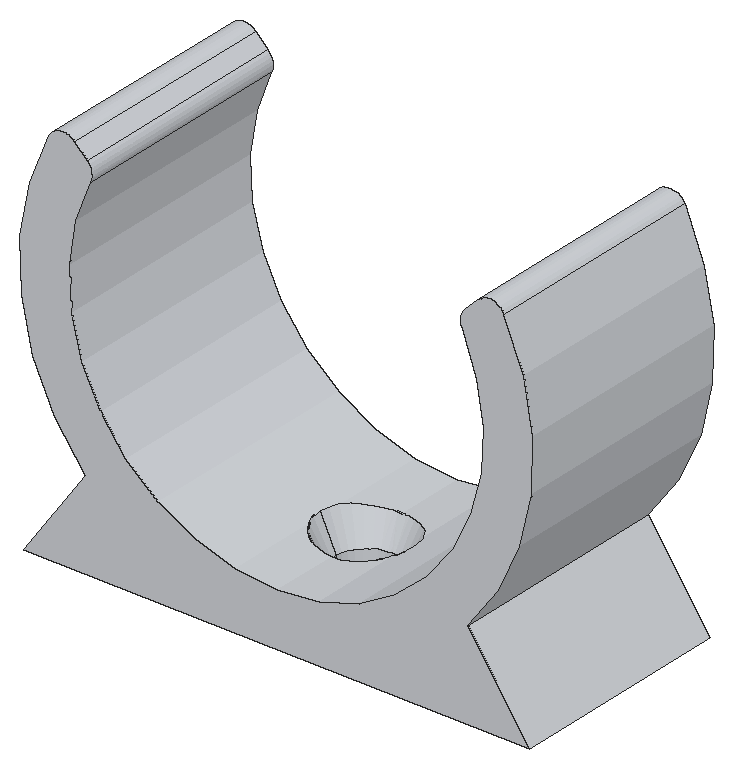
Revit family "PRSC25B", category Generic Models, Revit 2017
Family settings
  Can host rebar = No
  Round Connector Dimension = Use Diameter
  Part Type = Normal
  Work Plane-Based = Yes
  Always vertical = No
  Cut with Voids When Loaded = No
  Shared = No
  Room Calculation Point = No
Parameters (values of type "NBS Standard Parameters")
  Weight = "0.0075Kg"
  WarrantyStartDate [instance] = "1900-12-31T23:59:59"
  WarrantyGuarantorParts = "n/a"
  WarrantyGuarantorLabor = "n/a"
  WarrantyDurationUnit = "1 year"
  WarrantyDurationParts = "n/a"
  WarrantyDurationLabor = "n/a"
  WarrantyDescription = "n/a"
  Version = "1"
  Uniclass2 = "Pr_65_70_11_20"
  TagNumber [instance] = "n/a"
  SustainabilityPerformance = "n/a"
  Size = "25mm"
  Shape = "Circular"
  SerialNumber [instance] = "n/a"
  Revision = "n/a"
  ReplacementCost = "n/a"
  ProductInformation = "www.metpro.co.uk/pdf/prsc25w.pdf"
  NominalWidth = 15 mm
  NominalLength = 31 mm
  NominalHeight = 23 mm
  Name = ""
  NBSTypeID = ""
  NBSReference = "90-55-10/460"
  NBSOfficeMasterTag = ""
  NBSNote = ""
  NBSDescription = "Conduit Fittings"
  NBSCertification = ""
  ModelReference = "PRSC25B"
  ModelNumber = "n/a"
  Material = "PVC"
  ManufacturerURL = "www.metpro.co.uk"
  ManufacturerName = "Metpro Ltd"
  Keynote = "Manufactured to BS4607 Part 1"
  InstallationDate [instance] = "1900-12-31T23:59:59"
  IfcExportType = ""
  IfcExportAs = ""
  Grade = "n/a"
  Finish = "Black"
  Features = "n/a"
  ExpectedLife = "n/a"
  DurationUnit = "year"
  Description = "PRSC25B - 25mm PVC Retaining Clip"
  Default Elevation = 1219.2 mm
  Constituents = "n/a"
  Color = "n/a"
  CodePerformance = "n/a"
  Category = "n/a"
  BarCode [instance] = "n/a"
  BIMObjectName = "Metpro_metprolibrary_conduitfittings_PVC component_accessory"
  Author = "Metpro Ltd"
  AssetType = ""
  AssetIdentifier [instance] = "n/a"
  AccessibilityPerformance = "n/a"
Reference planes
  plane 1 "Center (Front/Back)": y = 0
  plane 2: z = 0
  plane 3 "Center (Left/Right)": x = 0
Forms (mm)
  Extrusion 1, solid
    sketch origin (5.5, 13.087, 10.691) x (-1, 0, 0) y (0, 0, 1)
      loop
        arc (-21.202, 0.212) -> (-21.111, 0.818) -> (-21.391, 1.363) r 1
        line (-21.391, 1.363) -> (-22.134, 2.107)
        arc (-22.134, 2.107) -> (-22.992, 2.388) -> (-23.727, 1.864) r 1
        arc (-23.727, 1.864) -> (-25.38, -7.263) -> (-21.525, -15.7) r 15.5
        line (-21.525, -15.7) -> (-25.25, -21.021) -> (-9.75, -21.021) -> (5.25, -21.021) -> (1.525, -15.7)
        arc (1.525, -15.7) -> (5.38, -7.263) -> (3.727, 1.864) r 15.5
        arc (3.727, 1.864) -> (2.992, 2.388) -> (2.134, 2.107) r 1
        line (2.134, 2.107) -> (1.391, 1.363)
        arc (1.391, 1.363) -> (1.111, 0.818) -> (1.202, 0.212) r 1
        arc (1.202, 0.212) -> (-10, -17.835) -> (-21.202, 0.212) r 12.5
    from -6.8 to 6.8
  Revolve 2, void
    sketch origin (5.5, 13.087, 10.691) x (-1, 0, 0) y (0, 0, 1)
      loop
        line (-10, -15.752) -> (-10, -23.778) -> (-8.143, -23.778) -> (-8.143, -19.613) -> (-6.551, -16.199) -> (-10, -15.752)
      axis (-10, -15.752) -> (-10, -23.778)
    angle from 0 to 360
Cuts and joins
  Revolve 2 cuts Extrusion 1
Dimensions and locks
  aligned and locked: level to plane 2
